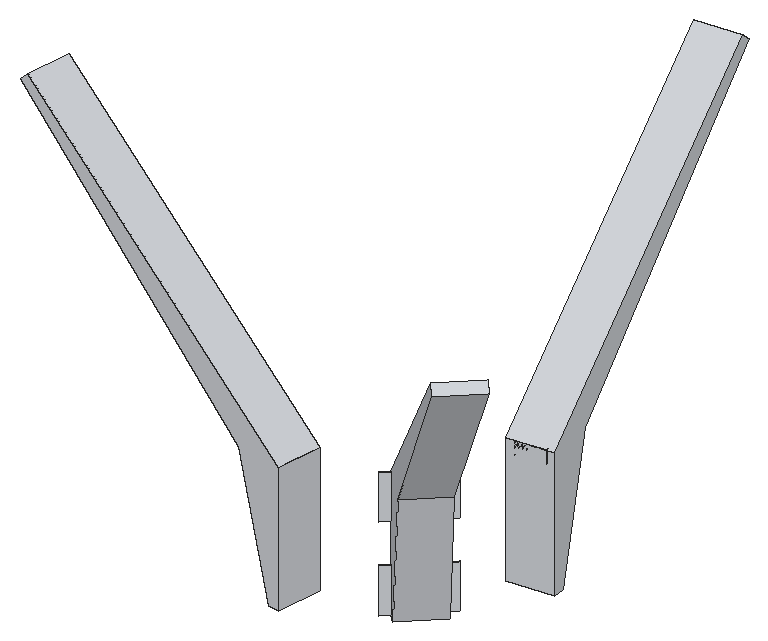
Revit family "Сборка насадок угол 105", category Специальное оборудование, Revit 2019
Family settings
  Размер круглого соединителя = Использовать диаметр
  Тип детали = Нормальный
  На основе рабочей плоскости = Нет
  Всегда вертикально = Да
  При загрузке вырезать с полостями = Нет
  Общий = Да
  Точка расчета площади = Нет
Parameters (values of type "На столбы 80x80")
  Ширина столба = 80 mm
  Центр насадки = Ширина столба / 2  # 40 mm
  Тип крепления насадок к столбам [instance] = 0
  Наружные насадки [instance] = yes
  Инструкция [instance] = "https://docs.google.com/document/d/1YU2zMc4EH5Wo240p8cADVhto8tMNmUbVgzn2qTnmTt8/edit?usp=sharing"
  Группа модели = "Насадки"  # constant formula
  Глубина столба = 80 mm
  ADSK_Наименование = "Сборка - угловые насадки"  # constant formula
Types (4, lengths in mm): name | Ширина столба | Центр насадки | Глубина столба
  На столбы 40x60 | 40 | 20 | 60
  На столбы 60x60 | 60 | 30 | 60
  На столбы 60x80 | 60 | 30 | 80
  На столбы 80x80 | 80 | 40 | 80
Reference planes
  plane 1 "По центру (Вперед/Назад)": y = 0
  plane 2: z = 0
  plane 3 "По центру (Влево/Вправо)": x = 0
  plane 4: z = 0
  plane 5: through (20.432, 109.201, 1200) normal (0.9914, 0.1305, 0)
  plane 6: through (-5.1, -34.137, 1200) normal (-0.1305, -0.9914, 0)
  plane 7: through (99.748, 119.644, 1200) normal (0.9914, 0.1305, 0)
  plane 8: through (3.648, 27.19, 1200) normal (-0.1305, 0.9914, 0)
  plane 9: through (-15.542, -113.453, 1200) normal (-0.1305, -0.9914, 0)
  plane 10: through (-27.19, -3.648, 1200) normal (0.9914, -0.1305, 0)
  plane 11: through (-6.794, 106.506, 1200) normal (-0.1305, 0.9914, 0)
  plane 12: through (-106.506, 6.794, 1200) normal (0.9914, -0.1305, 0)
Dimensions and locks
  "Ширина столба": plane 9 to plane 6
  "Глубина столба": plane 8 to plane 11
  "Ширина столба": plane 5 to plane 7
  "Центр насадки": plane 5 to nested 1
  "Центр насадки": plane 9 to nested 2
  "Центр насадки": nested 14 to plane 5
  "Глубина столба": plane 12 to plane 10
  angle nested 1 to nested 2 = 75.00°
  aligned and locked: level to plane 2
  aligned and locked: nested 4 to nested 2
  aligned and locked: nested 5 to nested 1
  aligned and locked: nested 5 to nested 8  (x2)
  aligned and locked: nested 8 to nested 9  (x2)
  aligned and locked: nested 4 to nested 7
  aligned and locked: nested 6 to nested 7  (x2)
  aligned and locked: nested 7 to nested 15
  aligned and locked: nested 8 to nested 14
  aligned and locked: nested 14 to nested 8  (x2)
  aligned and locked: nested 1 to plane 11
  aligned and locked: plane 12 to nested 2
  aligned and locked: plane 12 to nested 15
  aligned and locked: nested 14 to plane 11
  aligned and locked: nested 5 to plane 11
  aligned and locked: nested 9 to nested 8
  aligned and locked: nested 7 to nested 2
  aligned and locked: nested 15 to nested 2
Nested families
  nested 1: "В_Насадка L" at (59.975, 115.296, -175) x (0.9914, 0.1305, 0) z (0, 0, 1), visible <- "Наружные насадки", ADSK_Комплект <- "Группа модели", type "Насадка"
    with Насадка L ус 510 yes, ADSK_Обозначение "", ADSK_Наименование "Насадка L ус 510", ADSK_Масса 1.17, ADSK_Комплект "Насадки", ADSK_Код изделия "8928", ADSK_Завод-изготовитель "FENSYS", ADSK_Единица измерения "шт."
  nested 2: "В_Насадка L" at (-115.296, -59.975, -175) x (0.1305, 0.9914, 0) z (0, 0, 1), visible <- "Наружные насадки", ADSK_Комплект <- "Группа модели", type "Насадка"
    with Насадка L ус 510 yes, ADSK_Обозначение "", ADSK_Наименование "Насадка L ус 510", ADSK_Масса 1.17, ADSK_Комплект "Насадки", ADSK_Код изделия "8928", ADSK_Завод-изготовитель "FENSYS", ADSK_Единица измерения "шт."
  nested 3: "В_Угловая скоба" at (0.707, -0.707, 0) x (0.7071, 0.7071, 0) z (0, 0, 1), ADSK_Комплект <- "Группа модели", type "Угловая скоба"
    with S 87 mm, ADSK_Комплект "Насадки"
  nested 4: "В_Крепеж" at (-117.774, -59.649, -4.311) x (-0.1305, -0.9914, 0) z (0, 0, 1), Тип крепежа <- "Тип крепления насадок к столбам", visible <- "Наружные насадки", ADSK_Комплект <- "Группа модели", type "Крепеж"
    with Ширина столба 0 mm, Тип крепежа 0, Путь к таблице "Таблица крепежей", Видимость метизов yes, Y насадка no, ADSK_Обозначение "Крепеж", ADSK_Наименование "Хомут специальный 80", ADSK_Комплект "Насадки", ADSK_Количество 1, ADSK_Код изделия "15515К"
  nested 5: "В_Крепеж" at (59.649, 117.774, -4.311) x (-0.9914, -0.1305, 0) z (0, 0, 1), Тип крепежа <- "Тип крепления насадок к столбам", visible <- "Наружные насадки", ADSK_Комплект <- "Группа модели", type "Крепеж"
    with Ширина столба 0 mm, Тип крепежа 0, Путь к таблице "Таблица крепежей", Видимость метизов yes, Y насадка no, ADSK_Обозначение "Крепеж", ADSK_Наименование "Хомут специальный 80", ADSK_Комплект "Насадки", ADSK_Количество 1, ADSK_Код изделия "15515К"
  nested 6: "В_Крепеж" at (-127.689, -58.343, -4.311) x (-0.1305, -0.9914, 0) z (0, 0, 1), visible <- "Наружные насадки", ADSK_Комплект <- "Группа модели", type "Крепеж"
    with Ширина столба 0 mm, Тип крепежа 5, Путь к таблице "Таблица крепежей", Видимость метизов no, Y насадка no, ADSK_Обозначение "Крепеж", ADSK_Наименование "Комплект крепления СББ/ПББ к насадке (Болт М6х25 DIN 933 оц - 4 шт., Зажим для крепления струны/проволоки - 4 шт., Шайба D6 DIN 125 оц. - 8 шт.,  Гайка М6 кл.8.0 DIN 934 оц. - 4 шт.)", ADSK_Комплект "Насадки", ADSK_Количество 1, ADSK_Код изделия "8927"
  nested 7: "В_Крепеж" at (-122.732, -58.996, -4.311) x (-0.1305, -0.9914, 0) z (0, 0, 1), visible <- "Наружные насадки", ADSK_Комплект <- "Группа модели", type "Крепеж"
    with Ширина столба 0 mm, Тип крепежа 5, Путь к таблице "Таблица крепежей", Видимость метизов no, Y насадка no, ADSK_Обозначение "Крепеж", ADSK_Наименование "Комплект крепления СББ/ПББ к насадке (Болт М6х25 DIN 933 оц - 4 шт., Зажим для крепления струны/проволоки - 4 шт., Шайба D6 DIN 125 оц. - 8 шт.,  Гайка М6 кл.8.0 DIN 934 оц. - 4 шт.)", ADSK_Комплект "Насадки", ADSK_Количество 1, ADSK_Код изделия "8927"
  nested 8: "В_Крепеж" at (58.996, 122.732, -4.311) x (-0.9914, -0.1305, 0) z (0, 0, 1), visible <- "Наружные насадки", ADSK_Комплект <- "Группа модели", type "Крепеж"
    with Ширина столба 0 mm, Тип крепежа 5, Путь к таблице "Таблица крепежей", Видимость метизов no, Y насадка no, ADSK_Обозначение "Крепеж", ADSK_Наименование "Комплект крепления СББ/ПББ к насадке (Болт М6х25 DIN 933 оц - 4 шт., Зажим для крепления струны/проволоки - 4 шт., Шайба D6 DIN 125 оц. - 8 шт.,  Гайка М6 кл.8.0 DIN 934 оц. - 4 шт.)", ADSK_Комплект "Насадки", ADSK_Количество 1, ADSK_Код изделия "8927"
  nested 9: "В_Крепеж" at (58.343, 127.689, -4.311) x (-0.9914, -0.1305, 0) z (0, 0, 1), visible <- "Наружные насадки", ADSK_Комплект <- "Группа модели", type "Крепеж"
    with Ширина столба 0 mm, Тип крепежа 5, Путь к таблице "Таблица крепежей", Видимость метизов no, Y насадка no, ADSK_Обозначение "Крепеж", ADSK_Наименование "Комплект крепления СББ/ПББ к насадке (Болт М6х25 DIN 933 оц - 4 шт., Зажим для крепления струны/проволоки - 4 шт., Шайба D6 DIN 125 оц. - 8 шт.,  Гайка М6 кл.8.0 DIN 934 оц. - 4 шт.)", ADSK_Комплект "Насадки", ADSK_Количество 1, ADSK_Код изделия "8927"
  nested 10: "В_Насадка L" at (1.414, -1.414, -175) x (-0.7071, -0.7071, 0) z (0, 0, 1), ADSK_Комплект <- "Группа модели", type "Насадка"
    with Насадка L ус 510 yes, ADSK_Обозначение "", ADSK_Наименование "Насадка L ус 510", ADSK_Масса 1.17, ADSK_Комплект "Насадки", ADSK_Код изделия "8928", ADSK_Завод-изготовитель "FENSYS", ADSK_Единица измерения "шт."
  nested 11: "В_Крепеж" at (10.253, -10.253, -4.311) x (-0.7071, -0.7071, 0) z (0, 0, 1), ADSK_Комплект <- "Группа модели", type "Крепеж"
    with Ширина столба 0 mm, Тип крепежа 5, Путь к таблице "Таблица крепежей", Видимость метизов no, Y насадка no, ADSK_Обозначение "Крепеж", ADSK_Наименование "Комплект крепления СББ/ПББ к насадке (Болт М6х25 DIN 933 оц - 4 шт., Зажим для крепления струны/проволоки - 4 шт., Шайба D6 DIN 125 оц. - 8 шт.,  Гайка М6 кл.8.0 DIN 934 оц. - 4 шт.)", ADSK_Комплект "Насадки", ADSK_Количество 1, ADSK_Код изделия "8927"
  nested 12: "В_Крепеж" at (6.718, -6.718, -4.311) x (-0.7071, -0.7071, 0) z (0, 0, 1), ADSK_Комплект <- "Группа модели", type "Крепеж"
    with Ширина столба 0 mm, Тип крепежа 5, Путь к таблице "Таблица крепежей", Видимость метизов no, Y насадка no, ADSK_Обозначение "Крепеж", ADSK_Наименование "Комплект крепления СББ/ПББ к насадке (Болт М6х25 DIN 933 оц - 4 шт., Зажим для крепления струны/проволоки - 4 шт., Шайба D6 DIN 125 оц. - 8 шт.,  Гайка М6 кл.8.0 DIN 934 оц. - 4 шт.)", ADSK_Комплект "Насадки", ADSK_Количество 1, ADSK_Код изделия "8927"
  nested 13: "В_Метизы" at (-3.035, -3.035, 0) x (0.7071, 0.7071, 0) z (0, 0, 1), ADSK_Комплект <- "Группа модели", type "Метизы"
    with Тип крепежа 6, Путь к таблице "Таблица метизов", ADSK_Наименование "ГАЙКА M8 DIN 934 оц. - 4 шт.", ADSK_Комплект "Насадки", ADSK_Количество 1, ADSK_Код изделия "3562"
  nested 14: "В_Крепеж" at (59.649, 117.774, -12.934) x (-0.9914, -0.1305, 0) z (0, 0, 1), Тип крепежа <- "Тип крепления насадок к столбам", visible <- "Наружные насадки", ADSK_Комплект <- "Группа модели", type "Крепеж"
    with Ширина столба 0 mm, Тип крепежа 0, Путь к таблице "Таблица крепежей", Видимость метизов yes, Y насадка no, ADSK_Обозначение "Крепеж", ADSK_Наименование "Хомут специальный 80", ADSK_Комплект "Насадки", ADSK_Количество 1, ADSK_Код изделия "15515К"
  nested 15: "В_Крепеж" at (-117.774, -59.649, -12.934) x (-0.1305, -0.9914, 0) z (0, 0, 1), Тип крепежа <- "Тип крепления насадок к столбам", visible <- "Наружные насадки", ADSK_Комплект <- "Группа модели", type "Крепеж"
    with Ширина столба 0 mm, Тип крепежа 0, Путь к таблице "Таблица крепежей", Видимость метизов yes, Y насадка no, ADSK_Обозначение "Крепеж", ADSK_Наименование "Хомут специальный 80", ADSK_Комплект "Насадки", ADSK_Количество 1, ADSK_Код изделия "15515К"
  nested 16: "В_Угловая скоба" at (0.707, -0.707, -114.266) x (0.7071, 0.7071, 0) z (0, 0, 1), ADSK_Комплект <- "Группа модели", type "Угловая скоба"
    with S 87 mm, ADSK_Комплект "Насадки"
  nested 17: "В_Метизы" at (-3.767, -3.767, 0) x (0.7071, 0.7071, 0) z (0, 0, 1), ADSK_Комплект <- "Группа модели", type "Метизы"
    with Тип крепежа 2, Путь к таблице "Таблица метизов", ADSK_Наименование "Комплект метизов «В» для крепления скобы из нержавеющей стали (Винт М8х30 ISO 7380 А2   - 4 шт., Шайба D8 DIN 125 А2-70 - 4 шт.,Шайба 8 DIN 127 нерж.)", ADSK_Комплект "Насадки", ADSK_Количество 1, ADSK_Код изделия "8923"
  nested 18: "В_Метизы" at (-4.189, -4.189, 0) x (0.7071, 0.7071, 0) z (0, 0, 1), ADSK_Комплект <- "Группа модели", type "Метизы"
    with Тип крепежа 6, Путь к таблице "Таблица метизов", ADSK_Наименование "ГАЙКА M8 DIN 934 оц. - 4 шт.", ADSK_Комплект "Насадки", ADSK_Количество 1, ADSK_Код изделия "3562"
  nested 19: "В_Метизы" at (-8.36, -8.36, 0) x (0.7071, 0.7071, 0) z (0, 0, 1), ADSK_Комплект <- "Группа модели", type "Метизы"
    with Тип крепежа 2, Путь к таблице "Таблица метизов", ADSK_Наименование "Комплект метизов «В» для крепления скобы из нержавеющей стали (Винт М8х30 ISO 7380 А2   - 4 шт., Шайба D8 DIN 125 А2-70 - 4 шт.,Шайба 8 DIN 127 нерж.)", ADSK_Комплект "Насадки", ADSK_Количество 1, ADSK_Код изделия "8923"
  nested 20: "В_Метизы" at (-120.385, -79.477, -4.311) x (-0.1305, -0.9914, 0) z (0, 0, 1), type "Метизы"
    with Тип крепежа 0, Путь к таблице "Таблица метизов", ADSK_Наименование "Комплект крепежных элементов для хомута", ADSK_Комплект "Насадки", ADSK_Количество 1, ADSK_Код изделия "8920"
  nested 21: "В_Метизы" at (39.82, 115.164, -4.311) x (-0.9914, -0.1305, 0) z (0, 0, 1), type "Метизы"
    with Тип крепежа 0, Путь к таблице "Таблица метизов", ADSK_Наименование "Комплект крепежных элементов для хомута", ADSK_Комплект "Насадки", ADSK_Количество 1, ADSK_Код изделия "8920"
  nested 22: "В_Метизы" at (39.82, 115.164, -12.934) x (-0.9914, -0.1305, 0) z (0, 0, 1), type "Метизы"
    with Тип крепежа 0, Путь к таблице "Таблица метизов", ADSK_Наименование "Комплект крепежных элементов для хомута", ADSK_Комплект "Насадки", ADSK_Количество 1, ADSK_Код изделия "8920"
  nested 23: "В_Метизы" at (-120.385, -79.477, -12.934) x (-0.1305, -0.9914, 0) z (0, 0, 1), type "Метизы"
    with Тип крепежа 0, Путь к таблице "Таблица метизов", ADSK_Наименование "Комплект крепежных элементов для хомута", ADSK_Комплект "Насадки", ADSK_Количество 1, ADSK_Код изделия "8920"
Definition of nested family "В_Насадка L"
  Parameters (values of type "Насадка")
    Насадка L ус 510 [instance] = no
    URL = "https://www.fensys.ru/produkciya/elementy-usileniya.html"
    ADSK_Обозначение [instance] = ""
    ADSK_Наименование [instance] = if(Насадка L ус 510, "Насадка L ус 510", "Насадка L ус 325")  # "Насадка L ус 325"
    ADSK_Масса [instance] = if(Насадка L ус 510, 1.17, 0.82)  # 0.82
    ADSK_Комплект [instance] = ""
    ADSK_Количество = 1
    ADSK_Код изделия [instance] = if(Насадка L ус 510, "8928", "8938")  # "8938"
    ADSK_Завод-изготовитель [instance] = "FENSYS"  # constant formula
    ADSK_Единица измерения [instance] = "шт."  # constant formula
  Reference planes
    plane 1 "По центру (Вперед/Назад)": y = 0
    plane 2: z = 0
    plane 3 "По центру (Влево/Вправо)": x = 0
  Forms (mm)
    Extrusion 1, solid
      sketch origin (0, 0, 0) x (0, 1, 0) y (0, 0, 1)
        loop
          line (0, 0) -> (15, 0) -> (61.891, 175) -> (398.002, 488.686) -> (386.689, 500) -> (0, 175) -> (0, 0)
      from -30.5 to 30.5
  Dimensions and locks
    Extrusion 1 sketch curve to Extrusion 1 sketch curve = 175 mm
    Extrusion 1 sketch curve to Extrusion 1 sketch curve = 15 mm
    equal spacing: Extrusion 1, plane 3 "По центру (Влево/Вправо)", Extrusion 1
    locked: Extrusion 1 to Extrusion 1 at 61
    aligned and locked: level to plane 2
    aligned and locked: plane 1 "По центру (Вперед/Назад)" to Extrusion 1  (x2)
    aligned and locked: Extrusion 1 to level
  Automatic sketch dimensions
    Extrusion 1 sketch curve to plane 1 "По центру (Вперед/Назад)" = 0 mm
    Extrusion 1 sketch curve to level = 0 mm
    Extrusion 1 sketch curve to plane 1 "По центру (Вперед/Назад)" = 61.891 mm
    Extrusion 1 sketch curve to Extrusion 1 sketch curve = 0 mm
    Extrusion 1 sketch curve to Extrusion 1 sketch curve = 325 mm
    Extrusion 1 sketch curve to Extrusion 1 sketch curve = 11.314 mm  (x2)
    Extrusion 1 sketch curve to plane 1 "По центру (Вперед/Назад)" = 386.689 mm
Definition of nested family "В_Угловая скоба"
  Parameters (values of type "Угловая скоба")
    Model = ""
    S [instance] = 83 mm
    ADSK_Обозначение = "Крепеж окрашеный"  # constant formula
    ADSK_Наименование = "Скоба угловая для крепления насадки"  # constant formula
    ADSK_Комплект [instance] = ""
    ADSK_Количество = 1
    ADSK_Код изделия = "15293"  # constant formula
    ADSK_Завод-изготовитель = "FENSYS"  # constant formula
    ADSK_Единица измерения = "шт."  # constant formula
  Reference planes
    plane 1 "По центру (Вперед/Назад)": y = 0
    plane 2: z = 0
    plane 3 "По центру (Влево/Вправо)": x = 0
  Forms (mm)
    Extrusion 1, solid
      sketch origin (0, 0, 0) x (1, 0, 0) y (0, 1, 0)
        loop
          line (-41.5, 1) -> (-41.5, -1) -> (41.5, -1) -> (41.5, 1) -> (-41.5, 1)
      from -60.734 to 0
  Dimensions and locks
    equal spacing: Extrusion 1, plane 3 "По центру (Влево/Вправо)", Extrusion 1
    "S": Extrusion 1 to Extrusion 1
    aligned and locked: level to plane 2
  Automatic sketch dimensions
    Extrusion 1 sketch curve to plane 1 "По центру (Вперед/Назад)" = 1 mm
    Extrusion 1 sketch curve to plane 3 "По центру (Влево/Вправо)" = 41.5 mm
    plane 3 "По центру (Влево/Вправо)" to Extrusion 1 sketch curve = 41.5 mm
    plane 1 "По центру (Вперед/Назад)" to Extrusion 1 sketch curve = 1 mm
Definition of nested family "В_Крепеж"
  Parameters (values of type "Крепеж")
    Ширина столба [instance] = 0 mm
    Тип крепежа [instance] = 0
    Путь к таблице [instance] = "Таблица крепежей"  # constant formula
    Manufacturer = [ADSK_Завод-изготовитель]  # "FENSYS"
    Model = ""
    Видимость метизов [instance] = not(Тип крепежа = 5)  # yes
    Y насадка [instance] = yes
    URL = "https://www.fensys.ru/produkciya/krepyozh.html"
    ADSK_Обозначение [instance] = "Крепеж"  # constant formula
    ADSK_Наименование [instance] = size_lookup(Путь к таблице, "", "Не найдено", Тип крепежа)  # "Хомут специальный 80"
    ADSK_Комплект [instance] = ""
    ADSK_Количество [instance] = 1  # constant formula
    ADSK_Код изделия [instance] = size_lookup(Путь к таблице, "ADSK_Код изделия", "Не найдено", Тип крепежа)  # "15515К"
    ADSK_Завод-изготовитель = "FENSYS"  # constant formula
    ADSK_Единица измерения = "шт."  # constant formula
  Reference planes
    plane 1 "По центру (Вперед/Назад)": y = 0
    plane 2: z = 0
    plane 3 "По центру (Влево/Вправо)": x = 0
    plane 4: z = 0
  Forms (mm)
    Extrusion 1, solid
      sketch origin (0, -3, 0) x (1, 0, 0) y (0, 1, 0)
        loop
          line (-20, 5.5) -> (-20, 0.5) -> (20, 0.5) -> (20, 5.5) -> (-20, 5.5)
      from -4.311 to 4.311
  Dimensions and locks
    locked: Extrusion 1 sketch curve to Extrusion 1 sketch curve at 5
    locked: Extrusion 1 sketch curve to Extrusion 1 sketch curve at 40
    aligned and locked: level to plane 2
  Nested families
    nested 1: "В_Метизы" at (20, 0, 0), Тип крепежа <- "Тип крепежа", ADSK_Комплект <- "ADSK_Комплект", visible <- "Видимость метизов", type "Метизы"
      with Тип крепежа 0, Путь к таблице "Таблица метизов", ADSK_Наименование "Комплект крепежных элементов для хомута", ADSK_Комплект "", ADSK_Количество 1, ADSK_Код изделия "8920"
    nested 2: "В_Метизы" at (-20, 0, 0), visible <- "Y насадка", Тип крепежа <- "Тип крепежа", ADSK_Комплект <- "ADSK_Комплект", type "Метизы"
      with Тип крепежа 0, Путь к таблице "Таблица метизов", ADSK_Наименование "Комплект крепежных элементов для хомута", ADSK_Комплект "", ADSK_Количество 1, ADSK_Код изделия "8920"
  Definition of nested family "В_Метизы"
    Parameters (values of type "Метизы")
      Тип крепежа [instance] = 1
      Путь к таблице [instance] = "Таблица метизов"  # constant formula
      Manufacturer = [ADSK_Завод-изготовитель]  # "FENSYS"
      URL = "https://www.fensys.ru/produkciya/krepyozh.html"
      ADSK_Наименование [instance] = size_lookup(Путь к таблице, "", "Не найдено", Тип крепежа)  # "Комплект метизов «В» для крепления скобы F24 (Винт М6х30 ISO 7380 А2 - 4 шт., Шайба D6 DIN 125 А2 - 4 шт.,Шайба 6 DIN 127 А2 - 4 шт.)"
      ADSK_Комплект [instance] = "Ограждение"
      ADSK_Количество [instance] = 1  # constant formula
      ADSK_Код изделия [instance] = size_lookup(Путь к таблице, "ADSK_Код изделия", "Не найдено", Тип крепежа)  # "8932"
      ADSK_Завод-изготовитель = "FENSYS"  # constant formula
      ADSK_Единица измерения = "шт."  # constant formula
    Reference planes
      plane 1 "По центру (Вперед/Назад)": y = 0
      plane 2: z = 0
      plane 3 "По центру (Влево/Вправо)": x = 0
      plane 4: z = 0
    Lines and regions (mm)
      reference lines
        curve 1: circle (0, 0, 0) r 0.299 normal (0, -1, 0)
      model lines
        curve 2: circle (0, 0, 0) r 0.3 normal (0, -1, 0)
    Dimensions and locks
      aligned and locked: level to plane 2
Definition of nested family "В_Метизы"
  Parameters (values of type "Метизы")
    Тип крепежа [instance] = 1
    Путь к таблице [instance] = "Таблица метизов"  # constant formula
    Manufacturer = [ADSK_Завод-изготовитель]  # "FENSYS"
    URL = "https://www.fensys.ru/produkciya/krepyozh.html"
    ADSK_Наименование [instance] = size_lookup(Путь к таблице, "", "Не найдено", Тип крепежа)  # "Комплект метизов «В» для крепления скобы F24 (Винт М6х30 ISO 7380 А2 - 4 шт., Шайба D6 DIN 125 А2 - 4 шт.,Шайба 6 DIN 127 А2 - 4 шт.)"
    ADSK_Комплект [instance] = "Ограждение"
    ADSK_Количество [instance] = 1  # constant formula
    ADSK_Код изделия [instance] = size_lookup(Путь к таблице, "ADSK_Код изделия", "Не найдено", Тип крепежа)  # "8932"
    ADSK_Завод-изготовитель = "FENSYS"  # constant formula
    ADSK_Единица измерения = "шт."  # constant formula
  Reference planes
    plane 1 "По центру (Вперед/Назад)": y = 0
    plane 2: z = 0
    plane 3 "По центру (Влево/Вправо)": x = 0
    plane 4: z = 0
  Lines and regions (mm)
    reference lines
      curve 1: circle (0, 0, 0) r 0.299 normal (0, -1, 0)
    model lines
      curve 2: circle (0, 0, 0) r 0.3 normal (0, -1, 0)
  Dimensions and locks
    aligned and locked: level to plane 2
